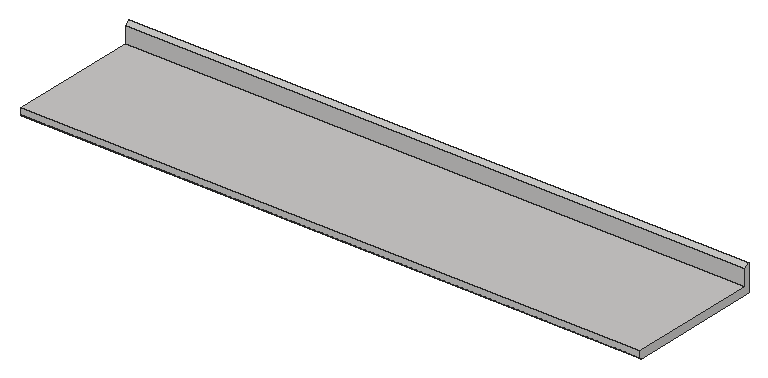
Revit family "QF_ELECTROLUXPROFESSIONAL_121170_TPLA32A", category Attrezzature speciali, Revit 2020
Family settings
  Quota connettore circolare = Usa diametro
  Tipo di parte = Normale
  Basato su piano di lavoro = No
  Sempre verticale = Sì
  Taglio con vuoti quando caricato = No
  Condiviso = No
  Punto di calcolo locali = No
Parameters (values of type "Standard")
  Weight = 101.00 kg
  Watts = 0 W
  Volts = 0 V
  URL Manufacturer = "https://www.electroluxprofessional.com/"
  URL = "https://www.electroluxprofessional.com/"
  Steam Supply Size = 0 mm
  Steam Supply Minimum Pressure = 0.0 Pa
  Steam Supply Maximum Pressure = 0.0 Pa
  Steam Consumption per Hour = 0
  Refrigeration Suction Line Size = 0.0 mm
  Refrigeration Liquid Line Size = 0.0 mm
  Refrigerant Compressor Remote = yes
  Prospetto di default = 0.0 mm
  Phase = 0
  Modello = "TPLA32A"
  Produttore = "Electrolux Professional"
  Length Actual = 3200.0 mm  # constant formula
  Item Number = "121170"
  Hot Water Size = 0 mm
  Height Actual = 140.0 mm  # constant formula
  HP = "0 HP"
  Gas Size = 0 mm
  Gas KW = 0
  Gas Input Pressure = 0 W
  Direct Waste Size = 0 mm
  Descrizione = "WORK TOP WITH UPSTAND 3200MM"
  Depth Actual = 700.0 mm  # constant formula
  Cycle = 0 Hz
  Condensate Return Size = 0 mm
  Compressed Air Volume = 0.0 L/s
  Compressed Air Size = 0 mm
  Compressed Air Pressure = 0.0 Pa
  Cold Water Size = 0 mm
  Accessory = yes
Reference planes
  plane 1 "Center (Front/Back)": y = 0
  plane 2: z = 0
  plane 3 "Center (Left/Right)": x = -1100
  plane 4 "LEFT": x = -2700
  plane 5 "RIGHT": x = 500
  plane 6 "BACK": y = 350
  plane 7 "FRONT": y = -350
  plane 8 "TOP": z = 1000
  plane 9: z = 900
  plane 10: z = 860
Forms (mm)
  Extrusion 1, solid, material "QF_Finishes_Stainless Steel"
    sketch origin (-1100, 0, 0) x (0, 1, 0) y (0, 0, 1)
      loop
        line (350, 1000) -> (330, 980) -> (330, 900) -> (-350, 900) -> (-350, 870) -> (-340, 860) -> (350, 860) -> (350, 1000)
    from 1600 to -1600
Lines and regions (mm)
  symbolic lines
    curve 1: line (500, 350, 1000) -> (-2700, 350, 1000)
    curve 2: line (-2700, 350, 1000) -> (-2700, -350, 1000)
    curve 3: line (-2700, -350, 1000) -> (500, -350, 1000)
    curve 4: line (500, -350, 1000) -> (500, 350, 1000)
    curve 5: line (-2700, 330, 1000) -> (500, 330, 1000)
Dimensions and locks
  plane 4 "LEFT" to plane 5 "RIGHT" = 3200.0 mm
  equal spacing: plane 4 "LEFT", plane 3 "Center (Left/Right)", plane 5 "RIGHT"
  plane 6 "BACK" to plane 7 "FRONT" = 700.0 mm
  equal spacing: plane 6 "BACK", plane 1 "Center (Front/Back)", plane 7 "FRONT"
  locked: plane 8 "TOP" to plane 9 at 100
  locked: plane 6 "BACK" to Extrusion 1 sketch curve at 20
  plane 10 to level = 860.0 mm
  plane 8 "TOP" to plane 10 = 140.0 mm
  aligned and locked: level to plane 2
  aligned and locked: Extrusion 1 to plane 4 "LEFT"
  aligned and locked: plane 5 "RIGHT" to Extrusion 1
  aligned and locked: curve 2 to plane 4 "LEFT"
  aligned and locked: Extrusion 1 sketch curve to plane 9
  aligned and locked: Extrusion 1 sketch curve to plane 6 "BACK"
  aligned and locked: plane 7 "FRONT" to Extrusion 1 sketch curve
  aligned and locked: plane 10 to Extrusion 1 sketch curve
Automatic sketch dimensions
  curve 3 to plane 7 "FRONT" = 0.0 mm
  curve 4 to plane 5 "RIGHT" = 0.0 mm
  curve 4 to plane 6 "BACK" = 0.0 mm
  curve 5 to plane 6 "BACK" = 20.0 mm
  Extrusion 1 sketch curve to plane 8 "TOP" = 0.0 mm
  Extrusion 1 sketch curve to plane 8 "TOP" = 20.0 mm
  plane 7 "FRONT" to Extrusion 1 sketch curve = 10.0 mm
  level to Extrusion 1 sketch curve = 870.0 mm
